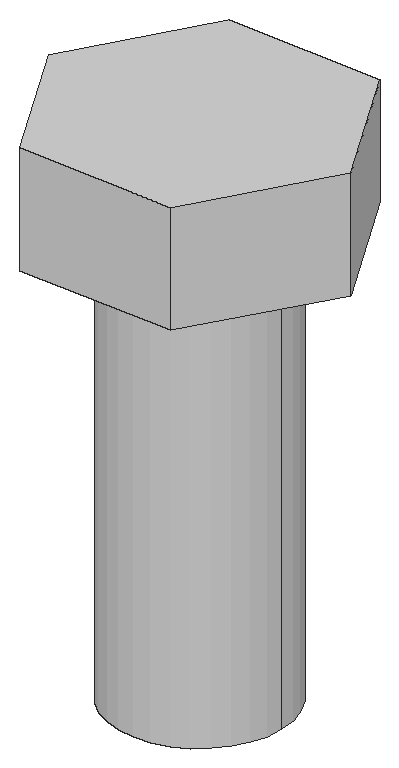
Revit family "HEXAG BOLT M12x30 DIN933 5.6C_9169600", category Generic Models, Revit 2018
Family settings
  Can host rebar = No
  Round Connector Dimension = Use Diameter
  Part Type = Normal
  OmniClass Number = 35.51.14.00
  OmniClass Title = FORMWORK
  Work Plane-Based = Yes
  Always vertical = No
  Cut with Voids When Loaded = No
  Shared = Yes
  Room Calculation Point = No
Parameters (values of type "HEXAG BOLT M12x30 DIN933 5.6C_9169600")
  VERSION = "20190101"  # constant formula
  URL = "www.ulmaconstruction.com/en"
  UNICLASS = ""
  Manufacturer = "ULMA CONSTRUCTION"  # constant formula
  ITEM_CODE = "9169600"
  FILTER [instance] = ""
  Default Elevation = 0.000 mm
  CLASSIFICATION_TITLE = ""
  CLASSIFICATION_NUMBER = ""
Reference planes
  plane 1 "Centro (Frontal/Posterior)": y = 0
  plane 2: z = 0
  plane 3 "Centro (Izquierda/Derecha)": x = 0
Forms (mm)
  Extrusion 1, solid, material "ULMA ZINC", detail levels fine
    sketch origin (0, 0, 0) x (1, 0, 0) y (0, 1, 0)
      loop
        line (-5.485, 9.5) -> (-10.97, 0) -> (-5.485, -9.5) -> (5.485, -9.5) -> (10.97, 0) -> (5.485, 9.5) -> (-5.485, 9.5)
    from 0 to 8
  Extrusion 2, solid, material "ULMA ZINC", detail levels fine
    sketch origin (0, 0, 0) x (1, 0, 0) y (0, 1, 0)
      loop
        circle (0, 0) r 6
    from 0 to -30
Lines and regions (mm)
  model lines, style "ULMA BOLT", detail levels medium
    curve 1: line (-5.485, -9.5, 0) -> (5.485, -9.5, 0)
    curve 2: line (5.485, -9.5, 0) -> (10.97, 0, 0)
    curve 3: line (10.97, 0, 0) -> (5.485, 9.5, 0)
    curve 4: line (5.485, 9.5, 0) -> (-5.485, 9.5, 0)
    curve 5: line (-5.485, 9.5, 0) -> (-10.97, 0, 0)
    curve 6: line (-10.97, 0, 0) -> (-5.485, -9.5, 0)
    curve 7: line (0, 0, 0) -> (0, 0, -30)
Dimensions and locks
  aligned and locked: level to plane 2
